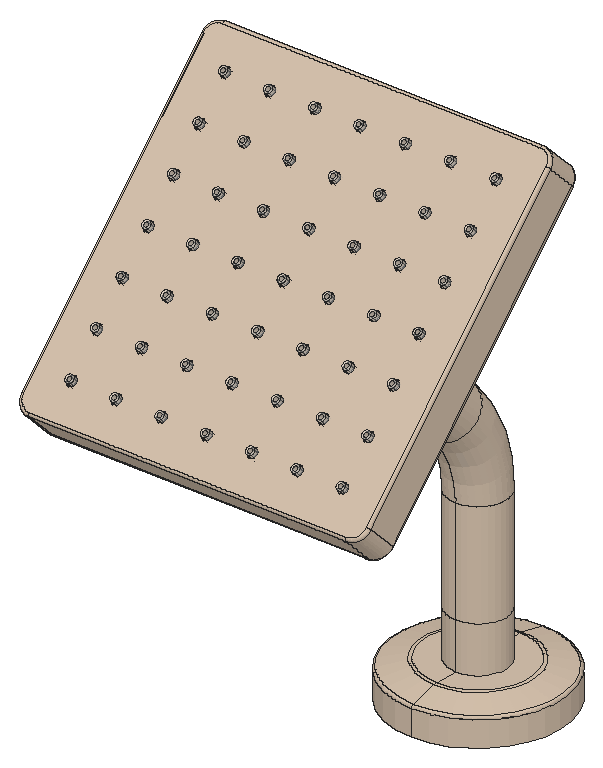
Revit family "Shower-Showerarm-KALLISTA-Guise-P34250_1", category Plumbing Fixtures, host Face, Revit 2021
Family settings
  Host = Face
  Round Connector Dimension = Use Diameter
  Part Type = Normal
  OmniClass Number = 23.31.25.00
  OmniClass Title = Toilet and Bath Specialties
  Cut with Voids When Loaded = No
  Shared = No
  Room Calculation Point = No
Parameters (values of type "BAF-Brushed French Gold")
  Width = 5.00787"  # constant formula
  WaterSense Certified = 1 = 0  # no
  Waste Water Outlet = "Waste Water Outlet"  # constant formula
  Waste Connection = 1 = 0  # no
  Vent Connection = 1 = 0  # no
  URL = "https://www.kallista.com/"
  Type = 1
  Tempered Water Inlet = "Tempered Water Inlet"  # constant formula
  Product Page URL = ""
  Product Name = "Guise"  # constant formula
  Product Documentation Link = ""
  Pressure = 45.00 psi  # constant formula
  Model = if(Type = 1, "P34250-00-BAF", if(Type = 2, "P34250-00-BN", if(Type = 3, "P34250-00-CP", if(Type = 4, "P34250-00-PGP", if(Type = 5, "P34250-00-SN", "NA")))))  # "P34250-00-BAF"
  Material = "Premium Metal Construction"  # constant formula
  Master Format 2014 Name = "Residential Showers"  # constant formula
  Master Format 2014 = "22 42 23"  # constant formula
  Manufacturer Address = "444 Highland Dr, Kohler, WI 53044"  # constant formula
  Manufacturer = "Kallista Co."  # constant formula
  Length = 8.58476"  # constant formula
  Hot Water Inlet = "Hot Water Inlet"  # constant formula
  Height = 6.36335"  # constant formula
  HW Connection = 1 = 1  # yes
  Flow Rate = 1.75 GPM  # constant formula
  Finish = Kallista-Metal-BAF-Brushed_French_Gold
  Environmental Product Declaration = ""
  Drain Included = 1 = 0  # no
  Description = "Modern Showerhead"  # constant formula
  Default Elevation = 72"
  Declare Label = ""
  Date Modified = "07/09/2024"  # constant formula
  Date Created = "07/09/2024"  # constant formula
  Copyright = "Copyright Kallista Co."  # constant formula
  Contact Us = "https://www.kallista.com/corporate/contact-us/"
  Cold Water Inlet = "Cold Water Inlet"  # constant formula
  CW Connection = 1 = 0  # no
  Assembly Code = "D2010700"
  ADA Compliant = 1 = 0  # no
Reference planes (in)
  plane 1 "Center (Front/Back)": y = 0
  plane 2: z = 0
  plane 3 "Center (Left/Right)": x = 0
  plane 4: x = 1.18504
  plane 5: x = -1.18504
  plane 6: x = -2.50394
  plane 7: x = 2.50394
  plane 8: y = 1.18504
  plane 9: y = -1.18504
  plane 10: y = -5.17831
  plane 11: y = -3.50787
  plane 12: through (0, -1.73515, 8.68611) normal (0, -0.7071, 0.7071)
  plane 13: z = 8.58476
  plane 14: through (0, -5.27883, 8.68434) normal (0, -0.7071, -0.7071)
  plane 15: z = 0.5
  plane 16: y = -0.40551
  plane 17: y = 0.40551
Dimensions and locks (in)
  plane 17 to plane 16 = 0.81102"
  plane 5 to plane 4 = 2.37008"
  "Width": plane 6 to plane 7
  plane 1 "Center (Front/Back)" to plane 11 = 3.50787"
  plane 15 to level = 1/2"
  "Height": plane 8 to plane 10
  "Length": plane 13 to level
  aligned and locked: plane 2 to host face
  aligned and locked: level to host face
  aligned and locked: plane 1 "Center (Front/Back)" to nested 1
  aligned and locked: plane 3 "Center (Left/Right)" to nested 1
Automatic sketch dimensions
  host sketch curve to host sketch curve = 96"  (x2)
Nested families (in)
  nested 1: "P34250" at (0, 0, 0), type "P34250"
Connectors (in)
  piping at (0, 0, 0), diameter 0.5, driven by "Flow Rate", driven by "Pressure", driven by "HW Connection", driven by "Tempered Water Inlet"
    settings: on nested 1, index 1, connector inside diameter 24", connector length 0", flow factor 0, pipe flow 1.75 GPM, pressure drop 45.00 psi, fitting loss kfactor 0, connector angle 0.00°, fixture units 0, engagement length 0", angle of deflection 0.00°, flow configuration 1, flow direction 1, fitting loss method 4, system type 19, joint type 0, gender type 0, connector reference index -1, connector utility 1, adjustable connector no, is connector primary yes, connector description "Tempered Water Inlet"
Definition of nested family "P34250"
  Parameters
    Material = none
    Default Elevation = 0"
  Reference planes (in)
    plane 1 "Center (Front/Back)": y = 0
    plane 2: z = 0
    plane 3 "Center (Left/Right)": x = 0
    plane 4: x = 1.18504
    plane 5: x = -1.18504
    plane 6: y = 1.18504
    plane 7: y = -1.18504
    plane 8: y = -3.50787
    plane 9: y = -5.17831
    plane 10: x = -2.50394
    plane 11: x = 2.50394
    plane 12: z = 8.58478
    plane 13: z = 6.91339
    plane 14: y = 0.40551
    plane 15: y = -0.40551
    plane 16: through (0, -3.50787, 6.91339) normal (0, 0.7071, 0.7071)
    plane 17: z = 0.5
    plane 18 "face": through (0, -3.50787, 6.91339) normal (0, 0.7071, -0.7071)
    plane 19: x = -0.40551
    plane 20: x = 0.40551
  Forms (in)
    Revolve 1, solid, material <- "Material", detail levels medium+fine
      sketch origin (0, 0, 0) x (0, 1, 0) y (0, 0, 1)
        loop
          line (0, 0) -> (1.18504, 0) -> (1.18504, 0.3683)
          arc (1.18504, 0.3683) -> (1.17657, 0.39269) -> (1.15482, 0.40659) r 0.03937
          line (1.15482, 0.40659) -> (0.78646, 0.49461)
          arc (0.78646, 0.49461) -> (0.76374, 0.49865) -> (0.74071, 0.5) r 0.19685
          line (0.74071, 0.5) -> (0.40551, 0.5) -> (0.40551, 1.16198) -> (0, 1.16198) -> (0, 0)
        axis (0, 0) -> (0, 1.16198)
      angle from 0 to 360
    Sweep 2, solid, material <- "Material", detail levels medium+fine
      path origin (0, 0, 0) x (0, 1, 0) y (0, 0, 1)
        loop
          line (0, 1.16198) -> (0, 2.67167)
          arc (0, 2.67167) -> (-0.13486, 3.34965) -> (-0.51891, 3.92442) r 1.77165
          line (-0.51891, 3.92442) -> (-0.93649, 4.342)
      profile origin (0, 0, 1.16198) x (0, -1, 0) y (1, 0, 0)
        loop
          circle (0, 0) r 0.40551
    Revolve 3, solid, material <- "Material", detail levels medium+fine
      sketch origin (0, 0, 0) x (0, 1, 0) y (0, 0, 1)
        loop
          line (-0.93649, 4.342) -> (-0.64975, 4.62874) -> (-0.99828, 4.97727) -> (-0.95002, 5.02553)
          arc (-0.95002, 5.02553) -> (-0.94425, 5.03945) -> (-0.95002, 5.05337) r 0.01969
          line (-0.95002, 5.05337) -> (-1.46655, 5.5699)
          arc (-1.46655, 5.5699) -> (-1.58432, 5.6332) -> (-1.71746, 5.62101) r 0.23205
          arc (-1.71746, 5.62101) -> (-1.78147, 5.62759) -> (-1.81214, 5.68415) r 0.0689
          arc (-1.81214, 5.68415) -> (-1.81349, 5.74373) -> (-1.81623, 5.80326) r 2.55796
          line (-1.81623, 5.80326) -> (-1.65746, 5.96203)
          arc (-1.65746, 5.96203) -> (-1.59981, 6.09986) -> (-1.65555, 6.23848) r 0.19685
          line (-1.65555, 6.23848) -> (-2.21422, 6.81279)
          arc (-2.21422, 6.81279) -> (-2.29367, 6.95273) -> (-2.29462, 7.11365) r 0.31869
          arc (-2.29462, 7.11365) -> (-2.25455, 7.20607) -> (-2.18748, 7.28123) r 0.31663
          arc (-2.18748, 7.28123) -> (-2.18044, 7.29529) -> (-2.18632, 7.30987) r 0.01911
          line (-2.18632, 7.30987) -> (-3.04534, 6.45085) -> (-0.93649, 4.342)
        axis (-0.93649, 4.342) -> (-3.04534, 6.45085)
      angle from 0 to 360
    Sweep 4, solid, material <- "Material", detail levels medium+fine
      path origin (0, -5.21063, 5.21063) x (0, -0.707107, -0.707107) y (-1, 0, 0)
        loop
          line (-4.91508, 2.27831) -> (-4.91508, -2.27833)
          arc (-4.91508, -2.27833) -> (-4.84877, -2.4384) -> (-4.6887, -2.50471) r 0.22638
          line (-4.6887, -2.50471) -> (-0.12993, -2.50471)
          arc (-0.12993, -2.50471) -> (0.03015, -2.4384) -> (0.09645, -2.27833) r 0.22638
          line (0.09645, -2.27833) -> (0.09645, 2.27831)
          arc (0.09645, 2.27831) -> (0.03015, 2.43839) -> (-0.12993, 2.50469) r 0.22638
          line (-0.12993, 2.50469) -> (-4.6887, 2.50469)
          arc (-4.6887, 2.50469) -> (-4.84877, 2.43839) -> (-4.91508, 2.27831) r 0.22638
      profile origin (0.00001, -1.73515, 8.68611) x (0, -0.707107, -0.707107) y (0, 0.707107, -0.707107)
        loop
          line (0.09086, 0.06055) -> (0.09086, 0.66122) -> (0.02122, 0.66122)
          arc (0.02122, 0.66122) -> (0.00737, 0.65544) -> (0.00171, 0.64153) r 0.01951
          line (0.00171, 0.64153) -> (0.00664, 0.09956)
          arc (0.00664, 0.09956) -> (0.01829, 0.07196) -> (0.046, 0.06055) r 0.03937
          line (0.046, 0.06055) -> (0.09086, 0.06055)
    Extrusion 5, solid, material <- "Material", detail levels medium+fine
      sketch origin (0, -5.21063, 5.21063) x (0, -0.707107, -0.707107) y (-1, 0, 0)
        loop
          line (-4.82421, 2.27831) -> (-4.82421, -2.27833)
          arc (-4.82421, -2.27833) -> (-4.78452, -2.37415) -> (-4.6887, -2.41385) r 0.13552
          line (-4.6887, -2.41385) -> (-0.12993, -2.41385)
          arc (-0.12993, -2.41385) -> (-0.0341, -2.37415) -> (0.00559, -2.27833) r 0.13552
          line (0.00559, -2.27833) -> (0.00559, 2.27831)
          arc (0.00559, 2.27831) -> (-0.0341, 2.37414) -> (-0.12993, 2.41383) r 0.13552
          line (-0.12993, 2.41383) -> (-4.6887, 2.41383)
          arc (-4.6887, 2.41383) -> (-4.78452, 2.37414) -> (-4.82421, 2.27831) r 0.13552
      from 0.06055 to 0.66122
    Extrusion 6, solid, detail levels medium+fine
      sketch origin (0, -5.21063, 5.21063) x (0, -0.707107, -0.707107) y (-1, 0, 0)
        loop
          circle (-4.36121, 1.95124) r 0.05906
        loop
          circle (-4.36121, 1.95124) r 0.0315
        loop
          circle (-4.34988, 1.30173) r 0.05906
        loop
          circle (-4.34988, 1.30173) r 0.0315
        loop
          circle (-4.34988, 0.65213) r 0.05906
        loop
          circle (-4.34988, 0.65213) r 0.0315
        loop
          circle (-4.34988, 0.00252) r 0.05906
        loop
          circle (-4.34988, 0.00252) r 0.0315
        loop
          circle (-4.34988, -0.64709) r 0.05906
        loop
          circle (-4.34988, -0.64709) r 0.0315
        loop
          circle (-4.34988, -1.29669) r 0.05906
        loop
          circle (-4.34988, -1.29669) r 0.0315
        loop
          circle (-4.34988, -1.9463) r 0.05906
        loop
          circle (-4.34988, -1.9463) r 0.0315
        loop
          circle (-3.71161, 1.95124) r 0.05906
        loop
          circle (-3.71161, 1.95124) r 0.0315
        loop
          circle (-3.70027, 1.30173) r 0.05906
        loop
          circle (-3.70027, 1.30173) r 0.0315
        loop
          circle (-3.70027, 0.65213) r 0.05906
        loop
          circle (-3.70027, 0.65213) r 0.0315
        loop
          circle (-3.70027, 0.00252) r 0.05906
        loop
          circle (-3.70027, 0.00252) r 0.0315
        loop
          circle (-3.70027, -0.64709) r 0.05906
        loop
          circle (-3.70027, -0.64709) r 0.0315
        loop
          circle (-3.70027, -1.29669) r 0.05906
        loop
          circle (-3.70027, -1.29669) r 0.0315
        loop
          circle (-3.70027, -1.9463) r 0.05906
        loop
          circle (-3.70027, -1.9463) r 0.0315
        loop
          circle (-3.062, 1.95124) r 0.05906
        loop
          circle (-3.062, 1.95124) r 0.0315
        loop
          circle (-3.05066, 1.30173) r 0.05906
        loop
          circle (-3.05066, 1.30173) r 0.0315
        loop
          circle (-3.05066, 0.65213) r 0.05906
        loop
          circle (-3.05066, 0.65213) r 0.0315
        loop
          circle (-3.05066, 0.00252) r 0.05906
        loop
          circle (-3.05066, 0.00252) r 0.0315
        loop
          circle (-3.05066, -0.64709) r 0.05906
        loop
          circle (-3.05066, -0.64709) r 0.0315
        loop
          circle (-3.05066, -1.29669) r 0.05906
        loop
          circle (-3.05066, -1.29669) r 0.0315
        loop
          circle (-3.05066, -1.9463) r 0.05906
        loop
          circle (-3.05066, -1.9463) r 0.0315
        loop
          circle (-2.41239, 1.95124) r 0.05906
        loop
          circle (-2.41239, 1.95124) r 0.0315
        loop
          circle (-2.40106, 1.30173) r 0.05906
        loop
          circle (-2.40106, 1.30173) r 0.0315
        loop
          circle (-2.40106, 0.65213) r 0.05906
        loop
          circle (-2.40106, 0.65213) r 0.0315
        loop
          circle (-2.40106, 0.00252) r 0.05906
        loop
          circle (-2.40106, 0.00252) r 0.0315
        loop
          circle (-2.40106, -0.64709) r 0.05906
        loop
          circle (-2.40106, -0.64709) r 0.0315
        loop
          circle (-2.40106, -1.29669) r 0.05906
        loop
          circle (-2.40106, -1.29669) r 0.0315
        loop
          circle (-2.40106, -1.9463) r 0.05906
        loop
          circle (-2.40106, -1.9463) r 0.0315
        loop
          circle (-1.76279, 1.95124) r 0.05906
        loop
          circle (-1.76279, 1.95124) r 0.0315
        loop
          circle (-1.75145, 1.30173) r 0.05906
        loop
          circle (-1.75145, 1.30173) r 0.0315
        loop
          circle (-1.75145, 0.65213) r 0.05906
        loop
          circle (-1.75145, 0.65213) r 0.0315
        loop
          circle (-1.75145, 0.00252) r 0.05906
        loop
          circle (-1.75145, 0.00252) r 0.0315
        loop
          circle (-1.75145, -0.64709) r 0.05906
        loop
          circle (-1.75145, -0.64709) r 0.0315
        loop
          circle (-1.75145, -1.29669) r 0.05906
        loop
          circle (-1.75145, -1.29669) r 0.0315
        loop
          circle (-1.75145, -1.9463) r 0.05906
        loop
          circle (-1.75145, -1.9463) r 0.0315
        loop
          circle (-1.11318, 1.95124) r 0.05906
        loop
          circle (-1.11318, 1.95124) r 0.0315
        loop
          circle (-1.10184, 1.30173) r 0.05906
        loop
          circle (-1.10184, 1.30173) r 0.0315
        loop
          circle (-1.10184, 0.65213) r 0.05906
        loop
          circle (-1.10184, 0.65213) r 0.0315
        loop
          circle (-1.10184, 0.00252) r 0.05906
        loop
          circle (-1.10184, 0.00252) r 0.0315
        loop
          circle (-1.10184, -0.64709) r 0.05906
        loop
          circle (-1.10184, -0.64709) r 0.0315
        loop
          circle (-1.10184, -1.29669) r 0.05906
        loop
          circle (-1.10184, -1.29669) r 0.0315
        loop
          circle (-1.10184, -1.9463) r 0.05906
        loop
          circle (-1.10184, -1.9463) r 0.0315
        loop
          circle (-0.46358, 1.95124) r 0.05906
        loop
          circle (-0.46358, 1.95124) r 0.0315
        loop
          circle (-0.45224, 1.30173) r 0.05906
        loop
          circle (-0.45224, 1.30173) r 0.0315
        loop
          circle (-0.45224, 0.65213) r 0.05906
        loop
          circle (-0.45224, 0.65213) r 0.0315
        loop
          circle (-0.45224, 0.00252) r 0.05906
        loop
          circle (-0.45224, 0.00252) r 0.0315
        loop
          circle (-0.45224, -0.64709) r 0.05906
        loop
          circle (-0.45224, -0.64709) r 0.0315
        loop
          circle (-0.45224, -1.29669) r 0.05906
        loop
          circle (-0.45224, -1.29669) r 0.0315
        loop
          circle (-0.45224, -1.9463) r 0.05906
        loop
          circle (-0.45224, -1.9463) r 0.0315
      from -0.00123 to 0.22495
    Extrusion 7, void
      sketch origin (0, -5.21933, 5.20193) x (0, -0.707107, -0.707107) y (-1, 0, 0)
        loop
          circle (-4.37198, 1.95124) r 0.0689
        loop
          circle (-4.36121, 1.30163) r 0.0689
        loop
          circle (-4.36121, 0.65203) r 0.0689
        loop
          circle (-4.36121, 0.00242) r 0.0689
        loop
          circle (-4.36121, -0.64719) r 0.0689
        loop
          circle (-4.36121, -1.29679) r 0.0689
        loop
          circle (-4.36121, -1.9464) r 0.0689
        loop
          circle (-3.72237, 1.95124) r 0.0689
        loop
          circle (-3.71161, 1.30163) r 0.0689
        loop
          circle (-3.71161, 0.65203) r 0.0689
        loop
          circle (-3.71161, 0.00242) r 0.0689
        loop
          circle (-3.71161, -0.64719) r 0.0689
        loop
          circle (-3.71161, -1.29679) r 0.0689
        loop
          circle (-3.71161, -1.9464) r 0.0689
        loop
          circle (-3.07277, 1.95124) r 0.0689
        loop
          circle (-3.062, 1.30163) r 0.0689
        loop
          circle (-3.062, 0.65203) r 0.0689
        loop
          circle (-3.062, 0.00242) r 0.0689
        loop
          circle (-3.062, -0.64719) r 0.0689
        loop
          circle (-3.062, -1.29679) r 0.0689
        loop
          circle (-3.062, -1.9464) r 0.0689
        loop
          circle (-2.42316, 1.95124) r 0.0689
        loop
          circle (-2.41239, 1.30163) r 0.0689
        loop
          circle (-2.41239, 0.65203) r 0.0689
        loop
          circle (-2.41239, 0.00242) r 0.0689
        loop
          circle (-2.41239, -0.64719) r 0.0689
        loop
          circle (-2.41239, -1.29679) r 0.0689
        loop
          circle (-2.41239, -1.9464) r 0.0689
        loop
          circle (-1.77355, 1.95124) r 0.0689
        loop
          circle (-1.76279, 1.30163) r 0.0689
        loop
          circle (-1.76279, 0.65203) r 0.0689
        loop
          circle (-1.76279, 0.00242) r 0.0689
        loop
          circle (-1.76279, -0.64719) r 0.0689
        loop
          circle (-1.76279, -1.29679) r 0.0689
        loop
          circle (-1.76279, -1.9464) r 0.0689
        loop
          circle (-1.12395, 1.95124) r 0.0689
        loop
          circle (-1.11318, 1.30163) r 0.0689
        loop
          circle (-1.11318, 0.65203) r 0.0689
        loop
          circle (-1.11318, 0.00242) r 0.0689
        loop
          circle (-1.11318, -0.64719) r 0.0689
        loop
          circle (-1.11318, -1.29679) r 0.0689
        loop
          circle (-1.11318, -1.9464) r 0.0689
        loop
          circle (-0.47434, 1.95124) r 0.0689
        loop
          circle (-0.46358, 1.30163) r 0.0689
        loop
          circle (-0.46358, 0.65203) r 0.0689
        loop
          circle (-0.46358, 0.00242) r 0.0689
        loop
          circle (-0.46358, -0.64719) r 0.0689
        loop
          circle (-0.46358, -1.29679) r 0.0689
        loop
          circle (-0.46358, -1.9464) r 0.0689
      from -0.11319 to 0.22495
    Extrusion 8, void
      sketch origin (0, -5.21063, 5.21063) x (0, -0.707107, -0.707107) y (-1, 0, 0)
        loop
          line (-2.74653, 0.45679) -> (-2.15598, 0.45679) -> (-2.15598, 0.72328) -> (-2.74653, 0.72328) -> (-2.74653, 0.45679)
        loop
          line (-2.74653, -0.45679) -> (-2.74653, -0.72328) -> (-2.15598, -0.72328) -> (-2.15598, -0.45679) -> (-2.74653, -0.45679)
      from 2.19241 to 2.97312
    Revolve 9, solid, material <- "Material", detail levels coarse
      sketch origin (0, 0, 0) x (0, 1, 0) y (0, 0, 1)
        loop
          line (0, 0) -> (1.18504, 0) -> (1.18504, 0.5) -> (0, 0.5) -> (0, 0)
        axis (0, 0) -> (0, 0.5)
      angle from 0 to 360
    Sweep 10, solid, material <- "Material", detail levels coarse
      path origin (0, 0, 0) x (0, 1, 0) y (0, 0, 1)
        loop
          line (0, 0.11261) -> (0, 2.67167)
          arc (0, 2.67167) -> (-0.13486, 3.34965) -> (-0.51891, 3.92442) r 1.77165
          line (-0.51891, 3.92442) -> (-1.28502, 4.69053)
      profile origin (0, 0, 0.11261) x (0, -1, 0) y (1, 0, 0)
        loop
          circle (0, 0) r 0.40551
    Revolve 11, solid, material <- "Material", detail levels coarse
      sketch origin (0, 0, 0) x (0, 1, 0) y (0, 0, 1)
        loop
          line (-1.28502, 4.69053) -> (-0.95002, 5.02553)
          arc (-0.95002, 5.02553) -> (-0.94425, 5.03945) -> (-0.95002, 5.05337) r 0.01969
          line (-0.95002, 5.05337) -> (-1.46655, 5.5699)
          arc (-1.46655, 5.5699) -> (-1.58432, 5.6332) -> (-1.71746, 5.62101) r 0.23205
          arc (-1.71746, 5.62101) -> (-1.78147, 5.62759) -> (-1.81214, 5.68415) r 0.0689
          arc (-1.81214, 5.68415) -> (-1.81349, 5.74373) -> (-1.81623, 5.80326) r 2.55796
          line (-1.81623, 5.80326) -> (-1.52018, 6.09931) -> (-2.45515, 7.06045) -> (-3.05504, 6.46056) -> (-1.28502, 4.69053)
        axis (-1.28502, 4.69053) -> (-3.05504, 6.46056)
      angle from 0 to 360
    Extrusion 12, solid, material <- "Material", detail levels coarse
      sketch origin (0, -5.21063, 5.21063) x (0, -0.707107, -0.707107) y (-1, 0, 0)
        loop
          line (-4.91508, 2.27831) -> (-4.91508, -2.27833)
          arc (-4.91508, -2.27833) -> (-4.84877, -2.4384) -> (-4.6887, -2.50471) r 0.22638
          line (-4.6887, -2.50471) -> (-0.12993, -2.50471)
          arc (-0.12993, -2.50471) -> (0.03015, -2.4384) -> (0.09645, -2.27833) r 0.22638
          line (0.09645, -2.27833) -> (0.09645, 2.27831)
          arc (0.09645, 2.27831) -> (0.03015, 2.43839) -> (-0.12993, 2.50469) r 0.22638
          line (-0.12993, 2.50469) -> (-4.6887, 2.50469)
          arc (-4.6887, 2.50469) -> (-4.84877, 2.43839) -> (-4.91508, 2.27831) r 0.22638
      from 0 to 0.6404
    Extrusion 13, void
      sketch origin (0, -5.21063, 5.21063) x (0, -0.707107, -0.707107) y (-1, 0, 0)
        loop
          circle (-4.67643, -2.26978) r 0.12321
        loop
          circle (-0.13973, -2.26943) r 0.1189
        loop
          circle (-4.67643, 2.26978) r 0.12321
        loop
          circle (-0.13973, 2.26943) r 0.1189
      from 0.48441 to 0.90797
    Extrusion 14, solid, detail levels medium+fine
      sketch origin (0, -5.21063, 5.21063) x (0, -0.707107, -0.707107) y (-1, 0, 0)
        loop
          circle (-4.67643, -2.26978) r 0.11024
        loop
          line (-4.75623, -2.28661) -> (-4.71684, -2.28661)
          arc (-4.71684, -2.28661) -> (-4.70292, -2.29237) -> (-4.69715, -2.30629) r 0.01969
          line (-4.69715, -2.30629) -> (-4.69715, -2.34761) -> (-4.65776, -2.34761) -> (-4.65776, -2.30636)
          arc (-4.65776, -2.30636) -> (-4.65199, -2.29244) -> (-4.63807, -2.28667) r 0.01969
          line (-4.63807, -2.28667) -> (-4.59881, -2.28667) -> (-4.59881, -2.25116) -> (-4.63822, -2.25116)
          arc (-4.63822, -2.25116) -> (-4.65213, -2.24539) -> (-4.6579, -2.23147) r 0.01969
          line (-4.6579, -2.23147) -> (-4.6579, -2.19008) -> (-4.69723, -2.19008) -> (-4.69723, -2.23163)
          arc (-4.69723, -2.23163) -> (-4.703, -2.24555) -> (-4.71692, -2.25131) r 0.01969
          line (-4.71692, -2.25131) -> (-4.75623, -2.25131) -> (-4.75623, -2.28661)
        loop
          circle (-0.13542, -2.26978) r 0.11024
        loop
          line (-0.21521, -2.28661) -> (-0.17582, -2.28661)
          arc (-0.17582, -2.28661) -> (-0.1619, -2.29237) -> (-0.15614, -2.30629) r 0.01969
          line (-0.15614, -2.30629) -> (-0.15614, -2.34761) -> (-0.11674, -2.34761) -> (-0.11674, -2.30636)
          arc (-0.11674, -2.30636) -> (-0.11097, -2.29244) -> (-0.09705, -2.28667) r 0.01969
          line (-0.09705, -2.28667) -> (-0.05779, -2.28667) -> (-0.05779, -2.25116) -> (-0.0972, -2.25116)
          arc (-0.0972, -2.25116) -> (-0.11112, -2.24539) -> (-0.11688, -2.23147) r 0.01969
          line (-0.11688, -2.23147) -> (-0.11688, -2.19008) -> (-0.15622, -2.19008) -> (-0.15622, -2.23163)
          arc (-0.15622, -2.23163) -> (-0.16198, -2.24555) -> (-0.1759, -2.25131) r 0.01969
          line (-0.1759, -2.25131) -> (-0.21521, -2.25131) -> (-0.21521, -2.28661)
        loop
          circle (-4.67643, 2.26978) r 0.11024
        loop
          line (-4.75623, 2.28661) -> (-4.75623, 2.25131) -> (-4.71692, 2.25131)
          arc (-4.71692, 2.25131) -> (-4.703, 2.24555) -> (-4.69723, 2.23163) r 0.01969
          line (-4.69723, 2.23163) -> (-4.69723, 2.19008) -> (-4.6579, 2.19008) -> (-4.6579, 2.23147)
          arc (-4.6579, 2.23147) -> (-4.65213, 2.24539) -> (-4.63822, 2.25116) r 0.01969
          line (-4.63822, 2.25116) -> (-4.59881, 2.25116) -> (-4.59881, 2.28667) -> (-4.63807, 2.28667)
          arc (-4.63807, 2.28667) -> (-4.65199, 2.29244) -> (-4.65776, 2.30636) r 0.01969
          line (-4.65776, 2.30636) -> (-4.65776, 2.34761) -> (-4.69715, 2.34761) -> (-4.69715, 2.30629)
          arc (-4.69715, 2.30629) -> (-4.70292, 2.29237) -> (-4.71684, 2.28661) r 0.01969
          line (-4.71684, 2.28661) -> (-4.75623, 2.28661)
        loop
          circle (-0.13542, 2.26978) r 0.11024
        loop
          line (-0.21521, 2.28661) -> (-0.21521, 2.25131) -> (-0.1759, 2.25131)
          arc (-0.1759, 2.25131) -> (-0.16198, 2.24555) -> (-0.15622, 2.23163) r 0.01969
          line (-0.15622, 2.23163) -> (-0.15622, 2.19008) -> (-0.11688, 2.19008) -> (-0.11688, 2.23147)
          arc (-0.11688, 2.23147) -> (-0.11112, 2.24539) -> (-0.0972, 2.25116) r 0.01969
          line (-0.0972, 2.25116) -> (-0.05779, 2.25116) -> (-0.05779, 2.28667) -> (-0.09705, 2.28667)
          arc (-0.09705, 2.28667) -> (-0.11097, 2.29244) -> (-0.11674, 2.30636) r 0.01969
          line (-0.11674, 2.30636) -> (-0.11674, 2.34761) -> (-0.15614, 2.34761) -> (-0.15614, 2.30629)
          arc (-0.15614, 2.30629) -> (-0.1619, 2.29237) -> (-0.17582, 2.28661) r 0.01969
          line (-0.17582, 2.28661) -> (-0.21521, 2.28661)
      from 0.48441 to 0.66122
    Extrusion 15, solid, material <- "Material", detail levels medium+fine
      sketch origin (0, 0, 0) x (1, 0, 0) y (0, 1, 0)
        loop
          circle (0, 0) r 0.11811
      from 0 to 0.11261
  Cuts and joins
    Extrusion 7, Extrusion 13 cuts Sweep 4
    Extrusion 7, Extrusion 13 cuts Extrusion 5
    joined: Sweep 4, Extrusion 5
    Extrusion 8 cuts Revolve 3
    joined: Revolve 1, Sweep 2, Revolve 3
  Lines and regions (in)
    Masking region 1
      outline origin (0, 0, 0) x (1, 0, 0) y (0, 1, 0)
        loop
          arc (-1.18504, 0) -> (-0.97398, -0.67452) -> (-0.41609, -1.10842) r 1.18335
          arc (-0.41609, -1.10842) -> (-0.47028, -1.18562) -> (-0.49159, -1.27751) r 0.24702
          line (-0.49159, -1.27751) -> (-2.28431, -1.27751)
          arc (-2.28431, -1.27751) -> (-2.36517, -1.28924) -> (-2.43936, -1.32347) r 0.28449
          arc (-2.43936, -1.32347) -> (-2.48579, -1.373) -> (-2.50394, -1.43843) r 0.14206
          line (-2.50394, -1.43843) -> (-2.50394, -4.76864) -> (-2.50065, -5.00863)
          arc (-2.50065, -5.00863) -> (-2.47418, -5.08789) -> (-2.41201, -5.14372) r 0.16353
          arc (-2.41201, -5.14372) -> (-2.34677, -5.16803) -> (-2.27767, -5.17655) r 0.29852
          line (-2.27767, -5.17655) -> (-1.98028, -5.17831) -> (0, -5.17831) -> (1.98028, -5.17831) -> (2.27767, -5.17655)
          arc (2.27767, -5.17655) -> (2.34677, -5.16803) -> (2.41201, -5.14372) r 0.29852
          arc (2.41201, -5.14372) -> (2.47418, -5.08789) -> (2.50065, -5.00863) r 0.16353
          line (2.50065, -5.00863) -> (2.50394, -4.76864) -> (2.50394, -1.43843)
          arc (2.50394, -1.43843) -> (2.48579, -1.373) -> (2.43936, -1.32347) r 0.14206
          arc (2.43936, -1.32347) -> (2.36517, -1.28924) -> (2.28431, -1.27751) r 0.28449
          line (2.28431, -1.27751) -> (0.49159, -1.27751)
          arc (0.49159, -1.27751) -> (0.47028, -1.18562) -> (0.41609, -1.10842) r 0.24702
          arc (0.41609, -1.10842) -> (0.97398, -0.67452) -> (1.18504, 0) r 1.18335
          arc (1.18504, 0) -> (1.05153, 0.54645) -> (0.68107, 0.96977) r 1.18504
          arc (0.68107, 0.96977) -> (0.35714, 1.12994) -> (0, 1.18504) r 1.18504
          arc (0, 1.18504) -> (-0.46482, 1.09007) -> (-0.85514, 0.82039) r 1.18504
          arc (-0.85514, 0.82039) -> (-1.09948, 0.44212) -> (-1.18504, 0) r 1.18504
    Masking region 2
      outline origin (0, 0, 0) x (0, 1, 0) y (0, 0, 1)
        loop
          line (1.18504, 0.01969) -> (1.18504, 0.37273)
          arc (1.18504, 0.37273) -> (1.17787, 0.39343) -> (1.15943, 0.40526) r 0.03346
          line (1.15943, 0.40526) -> (0.78994, 0.4945)
          arc (0.78994, 0.4945) -> (0.76699, 0.49862) -> (0.74372, 0.5) r 0.19685
          line (0.74372, 0.5) -> (0.40551, 0.5) -> (0.40551, 2.59658)
          arc (0.40551, 2.59658) -> (0.2257, 3.50056) -> (-0.28636, 4.26691) r 2.3622
          line (-0.28636, 4.26691) -> (-0.99751, 4.97806) -> (-0.95045, 5.02512)
          arc (-0.95045, 5.02512) -> (-0.94468, 5.03904) -> (-0.95045, 5.05296) r 0.01969
          line (-0.95045, 5.05296) -> (-1.4693, 5.57181)
          arc (-1.4693, 5.57181) -> (-1.58553, 5.63415) -> (-1.71685, 5.62179) r 0.22828
          arc (-1.71685, 5.62179) -> (-1.78128, 5.62837) -> (-1.81187, 5.68546) r 0.06899
          arc (-1.81187, 5.68546) -> (-1.81304, 5.7443) -> (-1.81619, 5.80306) r 1.75222
          line (-1.81619, 5.80306) -> (-1.65922, 5.96004)
          arc (-1.65922, 5.96004) -> (-1.60157, 6.09744) -> (-1.65671, 6.23587) r 0.19685
          line (-1.65671, 6.23587) -> (-2.21548, 6.81537)
          arc (-2.21548, 6.81537) -> (-2.29865, 6.98171) -> (-2.27208, 7.16578) r 0.31113
          arc (-2.27208, 7.16578) -> (-2.23762, 7.22416) -> (-2.19365, 7.27577) r 0.39329
          arc (-2.19365, 7.27577) -> (-2.1846, 7.28926) -> (-2.18154, 7.30521) r 0.04068
          line (-2.18154, 7.30521) -> (-1.60151, 7.88482) -> (-1.28256, 8.20377)
          arc (-1.28256, 8.20377) -> (-1.27679, 8.21779) -> (-1.28271, 8.23175) r 0.01969
          line (-1.28271, 8.23175) -> (-1.6284, 8.57019)
          arc (-1.6284, 8.57019) -> (-1.64424, 8.58074) -> (-1.66285, 8.58478) r 0.05118
          arc (-1.66285, 8.58478) -> (-1.68184, 8.57268) -> (-1.69946, 8.55864) r 0.21306
          line (-1.69946, 8.55864) -> (-1.81688, 8.45443) -> (-2.02028, 8.27392) -> (-2.05626, 8.30412)
          arc (-2.05626, 8.30412) -> (-2.10067, 8.2711) -> (-2.14179, 8.23407) r 0.59055
          line (-2.14179, 8.23407) -> (-2.11452, 8.18685)
          arc (-2.11452, 8.18685) -> (-2.30538, 8.00905) -> (-2.49518, 7.83014) r 44.41438
          line (-2.49518, 7.83014) -> (-2.53276, 7.86167) -> (-2.616, 7.78931) -> (-2.58712, 7.74309)
          arc (-2.58712, 7.74309) -> (-2.77643, 7.56267) -> (-2.96462, 7.38109) r 42.71454
          line (-2.96462, 7.38109) -> (-3.00637, 7.41489) -> (-3.0848, 7.33646) -> (-3.05533, 7.29277)
          arc (-3.05533, 7.29277) -> (-3.24294, 7.10893) -> (-3.42928, 6.92383) r 38.65453
          line (-3.42928, 6.92383) -> (-3.46875, 6.95251) -> (-3.50787, 6.91339) -> (-3.54699, 6.87427) -> (-3.51832, 6.83479)
          arc (-3.51832, 6.83479) -> (-3.70342, 6.64845) -> (-3.88725, 6.46085) r 38.65453
          line (-3.88725, 6.46085) -> (-3.93094, 6.49032) -> (-4.00938, 6.41188) -> (-3.97558, 6.37013)
          arc (-3.97558, 6.37013) -> (-4.15715, 6.18194) -> (-4.33758, 5.99263) r 42.71454
          line (-4.33758, 5.99263) -> (-4.38379, 6.02151) -> (-4.45616, 5.93827) -> (-4.42463, 5.9007)
          arc (-4.42463, 5.9007) -> (-4.60354, 5.71089) -> (-4.78134, 5.52003) r 44.41438
          line (-4.78134, 5.52003) -> (-4.82856, 5.5473)
          arc (-4.82856, 5.5473) -> (-4.86559, 5.50618) -> (-4.8986, 5.46177) r 0.59055
          line (-4.8986, 5.46177) -> (-4.86795, 5.42524) -> (-5.03161, 5.24082) -> (-5.15217, 5.10497)
          arc (-5.15217, 5.10497) -> (-5.16625, 5.0873) -> (-5.17838, 5.06825) r 0.21306
          arc (-5.17838, 5.06825) -> (-5.17432, 5.0497) -> (-5.16379, 5.03391) r 0.05118
          line (-5.16379, 5.03391) -> (-4.8258, 4.68867)
          arc (-4.8258, 4.68867) -> (-4.81183, 4.68275) -> (-4.79781, 4.68852) r 0.01969
          line (-4.79781, 4.68852) -> (-4.47931, 5.00702) -> (-3.8997, 5.58705)
          arc (-3.8997, 5.58705) -> (-3.88374, 5.59011) -> (-3.87026, 5.59916) r 0.04068
          arc (-3.87026, 5.59916) -> (-3.81865, 5.64314) -> (-3.76026, 5.6776) r 0.39329
          arc (-3.76026, 5.6776) -> (-3.57619, 5.70417) -> (-3.40985, 5.62099) r 0.31113
          line (-3.40985, 5.62099) -> (-2.83036, 5.06222)
          arc (-2.83036, 5.06222) -> (-2.69193, 5.00708) -> (-2.55452, 5.06473) r 0.19685
          line (-2.55452, 5.06473) -> (-2.39755, 5.2217)
          arc (-2.39755, 5.2217) -> (-2.33878, 5.21855) -> (-2.27995, 5.21738) r 1.75222
          arc (-2.27995, 5.21738) -> (-2.22286, 5.1868) -> (-2.21628, 5.12236) r 0.06899
          arc (-2.21628, 5.12236) -> (-2.22864, 4.99104) -> (-2.1663, 4.87481) r 0.22828
          line (-2.1663, 4.87481) -> (-1.64745, 4.35596)
          arc (-1.64745, 4.35596) -> (-1.63353, 4.35019) -> (-1.61961, 4.35596) r 0.01969
          line (-1.61961, 4.35596) -> (-1.57255, 4.40302) -> (-0.84446, 3.67494)
          arc (-0.84446, 3.67494) -> (-0.51959, 3.18873) -> (-0.40551, 2.61521) r 1.49868
          line (-0.40551, 2.61521) -> (-0.40551, 0.5) -> (-0.74372, 0.5)
          arc (-0.74372, 0.5) -> (-0.76699, 0.49862) -> (-0.78994, 0.4945) r 0.19685
          line (-0.78994, 0.4945) -> (-1.15943, 0.40526)
          arc (-1.15943, 0.40526) -> (-1.17787, 0.39343) -> (-1.18504, 0.37273) r 0.03346
          line (-1.18504, 0.37273) -> (-1.18504, 0.01969)
          arc (-1.18504, 0.01969) -> (-1.17927, 0.00577) -> (-1.16535, 0) r 0.01969
          line (-1.16535, 0) -> (1.16535, 0)
          arc (1.16535, 0) -> (1.17927, 0.00577) -> (1.18504, 0.01969) r 0.01969
    Masking region 3
      outline origin (0, 0, 0) x (1, 0, 0) y (0, 0, 1)
        loop
          line (0, 8.58478) -> (-2.06672, 8.58478) -> (-2.27995, 8.58282)
          arc (-2.27995, 8.58282) -> (-2.36727, 8.56803) -> (-2.44562, 8.52676) r 0.28046
          arc (-2.44562, 8.52676) -> (-2.48663, 8.47719) -> (-2.50056, 8.41437) r 0.13737
          arc (-2.50056, 8.41437) -> (-2.50309, 8.32161) -> (-2.50394, 8.22882) r 5.10282
          line (-2.50394, 8.22882) -> (-2.50394, 4.83758)
          arc (-2.50394, 4.83758) -> (-2.49136, 4.7914) -> (-2.46418, 4.752) r 0.14218
          arc (-2.46418, 4.752) -> (-2.41728, 4.71589) -> (-2.36215, 4.69431) r 0.20991
          arc (-2.36215, 4.69431) -> (-2.31324, 4.68572) -> (-2.26367, 4.68285) r 0.42887
          line (-2.26367, 4.68285) -> (-0.49201, 4.68285)
          arc (-0.49201, 4.68285) -> (-0.46553, 4.58434) -> (-0.40551, 4.50187) r 0.27996
          line (-0.40551, 4.50187) -> (-0.40551, 0.5) -> (-0.74338, 0.5)
          arc (-0.74338, 0.5) -> (-0.76275, 0.49885) -> (-0.78184, 0.49543) r 0.16409
          line (-0.78184, 0.49543) -> (-1.16243, 0.40367)
          arc (-1.16243, 0.40367) -> (-1.17871, 0.39323) -> (-1.18504, 0.37496) r 0.02953
          line (-1.18504, 0.37496) -> (-1.18504, 0.01969)
          arc (-1.18504, 0.01969) -> (-1.17927, 0.00577) -> (-1.16535, 0) r 0.01969
          line (-1.16535, 0) -> (0, 0) -> (1.16535, 0)
          arc (1.16535, 0) -> (1.17927, 0.00577) -> (1.18504, 0.01969) r 0.01969
          line (1.18504, 0.01969) -> (1.18504, 0.37496)
          arc (1.18504, 0.37496) -> (1.17871, 0.39323) -> (1.16243, 0.40367) r 0.02953
          line (1.16243, 0.40367) -> (0.78184, 0.49543)
          arc (0.78184, 0.49543) -> (0.76275, 0.49885) -> (0.74338, 0.5) r 0.16409
          line (0.74338, 0.5) -> (0.40551, 0.5) -> (0.40551, 4.50187)
          arc (0.40551, 4.50187) -> (0.46553, 4.58434) -> (0.49201, 4.68285) r 0.27996
          line (0.49201, 4.68285) -> (2.26367, 4.68285)
          arc (2.26367, 4.68285) -> (2.31324, 4.68572) -> (2.36215, 4.69431) r 0.42887
          arc (2.36215, 4.69431) -> (2.41728, 4.71589) -> (2.46418, 4.752) r 0.20991
          arc (2.46418, 4.752) -> (2.49136, 4.7914) -> (2.50394, 4.83758) r 0.14218
          line (2.50394, 4.83758) -> (2.50394, 8.22882)
          arc (2.50394, 8.22882) -> (2.50309, 8.32161) -> (2.50056, 8.41437) r 5.10282
          arc (2.50056, 8.41437) -> (2.48663, 8.47719) -> (2.44562, 8.52676) r 0.13737
          arc (2.44562, 8.52676) -> (2.36727, 8.56803) -> (2.27995, 8.58282) r 0.28046
          line (2.27995, 8.58282) -> (2.06672, 8.58478) -> (0, 8.58478)
    symbolic lines, detail levels medium+fine
      curve 1: arc (-0.41609, -1.10842, 0) -> (0, -0.94063, 0) -> (0.41609, -1.10842, 0) r 0.59979
      curve 2: spline (-2.05553, -2.07531, 0) -> (-2.05205, -2.05726, 0) -> (-2.04184, -2.04044, 0) -> (-2.0256, -2.02599, 0) -> (-2.00444, -2.01491, 0) -> (-1.9798, -2.00794, 0) -> (-1.95335, -2.00556, 0) -> (-1.9269, -2.00794, 0) -> (-1.90226, -2.01491, 0) -> (-1.8811, -2.02599, 0) -> (-1.86486, -2.04044, 0) -> (-1.85465, -2.05726, 0) -> (-1.85117, -2.07531, 0) -> (-1.85465, -2.09336, 0) -> (-1.86486, -2.11018, 0) -> (-1.8811, -2.12463, 0) -> (-1.90226, -2.13571, 0) -> (-1.9269, -2.14268, 0) -> (-1.95335, -2.14505, 0) -> (-1.9798, -2.14268, 0) -> (-2.00444, -2.13571, 0) -> (-2.0256, -2.12463, 0) -> (-2.04184, -2.11018, 0) -> (-2.05205, -2.09336, 0) -> (-2.05553, -2.07531, 0)
      curve 3: spline (-2.00039, -2.07369, 0) -> (-1.99878, -2.08082, 0) -> (-1.99409, -2.08747, 0) -> (-1.98661, -2.09318, 0) -> (-1.97687, -2.09757, 0) -> (-1.96552, -2.10032, 0) -> (-1.95335, -2.10126, 0) -> (-1.94118, -2.10032, 0) -> (-1.92983, -2.09757, 0) -> (-1.92009, -2.09318, 0) -> (-1.91261, -2.08747, 0) -> (-1.90792, -2.08082, 0) -> (-1.90631, -2.07369, 0) -> (-1.90792, -2.06655, 0) -> (-1.91261, -2.0599, 0) -> (-1.92009, -2.05419, 0) -> (-1.92983, -2.04981, 0) -> (-1.94118, -2.04705, 0) -> (-1.95335, -2.04611, 0) -> (-1.96552, -2.04705, 0) -> (-1.97687, -2.04981, 0) -> (-1.98661, -2.05419, 0) -> (-1.99409, -2.0599, 0) -> (-1.99878, -2.06655, 0) -> (-2.00039, -2.07369, 0)
      curve 4: spline (-2.05553, -2.564, 0) -> (-2.05205, -2.54595, 0) -> (-2.04184, -2.52913, 0) -> (-2.0256, -2.51468, 0) -> (-2.00444, -2.5036, 0) -> (-1.9798, -2.49663, 0) -> (-1.95335, -2.49425, 0) -> (-1.9269, -2.49663, 0) -> (-1.90226, -2.5036, 0) -> (-1.8811, -2.51468, 0) -> (-1.86486, -2.52913, 0) -> (-1.85465, -2.54595, 0) -> (-1.85117, -2.564, 0) -> (-1.85465, -2.58205, 0) -> (-1.86486, -2.59887, 0) -> (-1.8811, -2.61332, 0) -> (-1.90226, -2.6244, 0) -> (-1.9269, -2.63137, 0) -> (-1.95335, -2.63374, 0) -> (-1.9798, -2.63137, 0) -> (-2.00444, -2.6244, 0) -> (-2.0256, -2.61332, 0) -> (-2.04184, -2.59887, 0) -> (-2.05205, -2.58205, 0) -> (-2.05553, -2.564, 0)
      curve 5: spline (-2.00039, -2.56238, 0) -> (-1.99878, -2.56951, 0) -> (-1.99409, -2.57616, 0) -> (-1.98661, -2.58187, 0) -> (-1.97687, -2.58626, 0) -> (-1.96552, -2.58901, 0) -> (-1.95335, -2.58995, 0) -> (-1.94118, -2.58901, 0) -> (-1.92983, -2.58626, 0) -> (-1.92009, -2.58187, 0) -> (-1.91261, -2.57616, 0) -> (-1.90792, -2.56951, 0) -> (-1.90631, -2.56238, 0) -> (-1.90792, -2.55524, 0) -> (-1.91261, -2.54859, 0) -> (-1.92009, -2.54288, 0) -> (-1.92983, -2.5385, 0) -> (-1.94118, -2.53574, 0) -> (-1.95335, -2.5348, 0) -> (-1.96552, -2.53574, 0) -> (-1.97687, -2.5385, 0) -> (-1.98661, -2.54288, 0) -> (-1.99409, -2.54859, 0) -> (-1.99878, -2.55524, 0) -> (-2.00039, -2.56238, 0)
      curve 6: spline (-2.05553, -3.00639, 0) -> (-2.05205, -2.98834, 0) -> (-2.04184, -2.97152, 0) -> (-2.0256, -2.95707, 0) -> (-2.00444, -2.94599, 0) -> (-1.9798, -2.93902, 0) -> (-1.95335, -2.93665, 0) -> (-1.9269, -2.93902, 0) -> (-1.90226, -2.94599, 0) -> (-1.8811, -2.95707, 0) -> (-1.86486, -2.97152, 0) -> (-1.85465, -2.98834, 0) -> (-1.85117, -3.00639, 0) -> (-1.85465, -3.02444, 0) -> (-1.86486, -3.04126, 0) -> (-1.8811, -3.05571, 0) -> (-1.90226, -3.06679, 0) -> (-1.9269, -3.07376, 0) -> (-1.95335, -3.07614, 0) -> (-1.9798, -3.07376, 0) -> (-2.00444, -3.06679, 0) -> (-2.0256, -3.05571, 0) -> (-2.04184, -3.04126, 0) -> (-2.05205, -3.02444, 0) -> (-2.05553, -3.00639, 0)
      curve 7: spline (-2.00039, -3.00477, 0) -> (-1.99878, -3.01191, 0) -> (-1.99409, -3.01856, 0) -> (-1.98661, -3.02427, 0) -> (-1.97687, -3.02865, 0) -> (-1.96552, -3.0314, 0) -> (-1.95335, -3.03234, 0) -> (-1.94118, -3.0314, 0) -> (-1.92983, -3.02865, 0) -> (-1.92009, -3.02427, 0) -> (-1.91261, -3.01856, 0) -> (-1.90792, -3.01191, 0) -> (-1.90631, -3.00477, 0) -> (-1.90792, -2.99763, 0) -> (-1.91261, -2.99098, 0) -> (-1.92009, -2.98527, 0) -> (-1.92983, -2.98089, 0) -> (-1.94118, -2.97814, 0) -> (-1.95335, -2.9772, 0) -> (-1.96552, -2.97814, 0) -> (-1.97687, -2.98089, 0) -> (-1.98661, -2.98527, 0) -> (-1.99409, -2.99098, 0) -> (-1.99878, -2.99763, 0) -> (-2.00039, -3.00477, 0)
      curve 8: spline (-2.05553, -3.4671, 0) -> (-2.05205, -3.44905, 0) -> (-2.04184, -3.43223, 0) -> (-2.0256, -3.41779, 0) -> (-2.00444, -3.4067, 0) -> (-1.9798, -3.39973, 0) -> (-1.95335, -3.39736, 0) -> (-1.9269, -3.39973, 0) -> (-1.90226, -3.4067, 0) -> (-1.8811, -3.41779, 0) -> (-1.86486, -3.43223, 0) -> (-1.85465, -3.44905, 0) -> (-1.85117, -3.4671, 0) -> (-1.85465, -3.48515, 0) -> (-1.86486, -3.50197, 0) -> (-1.8811, -3.51642, 0) -> (-1.90226, -3.5275, 0) -> (-1.9269, -3.53447, 0) -> (-1.95335, -3.53685, 0) -> (-1.9798, -3.53447, 0) -> (-2.00444, -3.5275, 0) -> (-2.0256, -3.51642, 0) -> (-2.04184, -3.50197, 0) -> (-2.05205, -3.48515, 0) -> (-2.05553, -3.4671, 0)
      curve 9: spline (-2.00039, -3.46548, 0) -> (-1.99878, -3.47262, 0) -> (-1.99409, -3.47927, 0) -> (-1.98661, -3.48498, 0) -> (-1.97687, -3.48936, 0) -> (-1.96552, -3.49211, 0) -> (-1.95335, -3.49305, 0) -> (-1.94118, -3.49211, 0) -> (-1.92983, -3.48936, 0) -> (-1.92009, -3.48498, 0) -> (-1.91261, -3.47927, 0) -> (-1.90792, -3.47262, 0) -> (-1.90631, -3.46548, 0) -> (-1.90792, -3.45834, 0) -> (-1.91261, -3.45169, 0) -> (-1.92009, -3.44598, 0) -> (-1.92983, -3.4416, 0) -> (-1.94118, -3.43885, 0) -> (-1.95335, -3.43791, 0) -> (-1.96552, -3.43885, 0) -> (-1.97687, -3.4416, 0) -> (-1.98661, -3.44598, 0) -> (-1.99409, -3.45169, 0) -> (-1.99878, -3.45834, 0) -> (-2.00039, -3.46548, 0)
      curve 10: spline (-2.05553, -3.91645, 0) -> (-2.05205, -3.8984, 0) -> (-2.04184, -3.88158, 0) -> (-2.0256, -3.86714, 0) -> (-2.00444, -3.85605, 0) -> (-1.9798, -3.84908, 0) -> (-1.95335, -3.84671, 0) -> (-1.9269, -3.84908, 0) -> (-1.90226, -3.85605, 0) -> (-1.8811, -3.86714, 0) -> (-1.86486, -3.88158, 0) -> (-1.85465, -3.8984, 0) -> (-1.85117, -3.91645, 0) -> (-1.85465, -3.9345, 0) -> (-1.86486, -3.95132, 0) -> (-1.8811, -3.96577, 0) -> (-1.90226, -3.97685, 0) -> (-1.9269, -3.98382, 0) -> (-1.95335, -3.9862, 0) -> (-1.9798, -3.98382, 0) -> (-2.00444, -3.97685, 0) -> (-2.0256, -3.96577, 0) -> (-2.04184, -3.95132, 0) -> (-2.05205, -3.9345, 0) -> (-2.05553, -3.91645, 0)
      curve 11: spline (-2.00039, -3.91483, 0) -> (-1.99878, -3.92197, 0) -> (-1.99409, -3.92862, 0) -> (-1.98661, -3.93433, 0) -> (-1.97687, -3.93871, 0) -> (-1.96552, -3.94146, 0) -> (-1.95335, -3.9424, 0) -> (-1.94118, -3.94146, 0) -> (-1.92983, -3.93871, 0) -> (-1.92009, -3.93433, 0) -> (-1.91261, -3.92862, 0) -> (-1.90792, -3.92197, 0) -> (-1.90631, -3.91483, 0) -> (-1.90792, -3.90769, 0) -> (-1.91261, -3.90104, 0) -> (-1.92009, -3.89533, 0) -> (-1.92983, -3.89095, 0) -> (-1.94118, -3.8882, 0) -> (-1.95335, -3.88726, 0) -> (-1.96552, -3.8882, 0) -> (-1.97687, -3.89095, 0) -> (-1.98661, -3.89533, 0) -> (-1.99409, -3.90104, 0) -> (-1.99878, -3.90769, 0) -> (-2.00039, -3.91483, 0)
      curve 12: spline (-2.05553, -4.3937, 0) -> (-2.05205, -4.37565, 0) -> (-2.04184, -4.35882, 0) -> (-2.0256, -4.34438, 0) -> (-2.00444, -4.3333, 0) -> (-1.9798, -4.32633, 0) -> (-1.95335, -4.32395, 0) -> (-1.9269, -4.32633, 0) -> (-1.90226, -4.3333, 0) -> (-1.8811, -4.34438, 0) -> (-1.86486, -4.35882, 0) -> (-1.85465, -4.37565, 0) -> (-1.85117, -4.3937, 0) -> (-1.85465, -4.41175, 0) -> (-1.86486, -4.42857, 0) -> (-1.8811, -4.44301, 0) -> (-1.90226, -4.4541, 0) -> (-1.9269, -4.46106, 0) -> (-1.95335, -4.46344, 0) -> (-1.9798, -4.46106, 0) -> (-2.00444, -4.4541, 0) -> (-2.0256, -4.44301, 0) -> (-2.04184, -4.42857, 0) -> (-2.05205, -4.41175, 0) -> (-2.05553, -4.3937, 0)
      curve 13: spline (-2.00039, -4.39207, 0) -> (-1.99878, -4.39921, 0) -> (-1.99409, -4.40586, 0) -> (-1.98661, -4.41157, 0) -> (-1.97687, -4.41595, 0) -> (-1.96552, -4.41871, 0) -> (-1.95335, -4.41965, 0) -> (-1.94118, -4.41871, 0) -> (-1.92983, -4.41595, 0) -> (-1.92009, -4.41157, 0) -> (-1.91261, -4.40586, 0) -> (-1.90792, -4.39921, 0) -> (-1.90631, -4.39207, 0) -> (-1.90792, -4.38494, 0) -> (-1.91261, -4.37829, 0) -> (-1.92009, -4.37258, 0) -> (-1.92983, -4.3682, 0) -> (-1.94118, -4.36544, 0) -> (-1.95335, -4.3645, 0) -> (-1.96552, -4.36544, 0) -> (-1.97687, -4.3682, 0) -> (-1.98661, -4.37258, 0) -> (-1.99409, -4.37829, 0) -> (-1.99878, -4.38494, 0) -> (-2.00039, -4.39207, 0)
      curve 14: spline (-2.05553, -4.81753, 0) -> (-2.05205, -4.79948, 0) -> (-2.04184, -4.78266, 0) -> (-2.0256, -4.76822, 0) -> (-2.00444, -4.75713, 0) -> (-1.9798, -4.75016, 0) -> (-1.95335, -4.74779, 0) -> (-1.9269, -4.75016, 0) -> (-1.90226, -4.75713, 0) -> (-1.8811, -4.76822, 0) -> (-1.86486, -4.78266, 0) -> (-1.85465, -4.79948, 0) -> (-1.85117, -4.81753, 0) -> (-1.85465, -4.83558, 0) -> (-1.86486, -4.8524, 0) -> (-1.8811, -4.86685, 0) -> (-1.90226, -4.87793, 0) -> (-1.9269, -4.8849, 0) -> (-1.95335, -4.88728, 0) -> (-1.9798, -4.8849, 0) -> (-2.00444, -4.87793, 0) -> (-2.0256, -4.86685, 0) -> (-2.04184, -4.8524, 0) -> (-2.05205, -4.83558, 0) -> (-2.05553, -4.81753, 0)
      curve 15: spline (-2.00039, -4.81591, 0) -> (-1.99878, -4.82305, 0) -> (-1.99409, -4.8297, 0) -> (-1.98661, -4.83541, 0) -> (-1.97687, -4.83979, 0) -> (-1.96552, -4.84254, 0) -> (-1.95335, -4.84348, 0) -> (-1.94118, -4.84254, 0) -> (-1.92983, -4.83979, 0) -> (-1.92009, -4.83541, 0) -> (-1.91261, -4.8297, 0) -> (-1.90792, -4.82305, 0) -> (-1.90631, -4.81591, 0) -> (-1.90792, -4.80877, 0) -> (-1.91261, -4.80212, 0) -> (-1.92009, -4.79641, 0) -> (-1.92983, -4.79203, 0) -> (-1.94118, -4.78928, 0) -> (-1.95335, -4.78834, 0) -> (-1.96552, -4.78928, 0) -> (-1.97687, -4.79203, 0) -> (-1.98661, -4.79641, 0) -> (-1.99409, -4.80212, 0) -> (-1.99878, -4.80877, 0) -> (-2.00039, -4.81591, 0)
      curve 16: spline (-1.40593, -2.07531, 0) -> (-1.40245, -2.05726, 0) -> (-1.39224, -2.04044, 0) -> (-1.376, -2.02599, 0) -> (-1.35484, -2.01491, 0) -> (-1.33019, -2.00794, 0) -> (-1.30374, -2.00556, 0) -> (-1.2773, -2.00794, 0) -> (-1.25265, -2.01491, 0) -> (-1.23149, -2.02599, 0) -> (-1.21525, -2.04044, 0) -> (-1.20504, -2.05726, 0) -> (-1.20156, -2.07531, 0) -> (-1.20504, -2.09336, 0) -> (-1.21525, -2.11018, 0) -> (-1.23149, -2.12463, 0) -> (-1.25265, -2.13571, 0) -> (-1.2773, -2.14268, 0) -> (-1.30374, -2.14505, 0) -> (-1.33019, -2.14268, 0) -> (-1.35484, -2.13571, 0) -> (-1.376, -2.12463, 0) -> (-1.39224, -2.11018, 0) -> (-1.40245, -2.09336, 0) -> (-1.40593, -2.07531, 0)
      curve 17: spline (-1.35078, -2.07369, 0) -> (-1.34918, -2.08082, 0) -> (-1.34448, -2.08747, 0) -> (-1.337, -2.09318, 0) -> (-1.32726, -2.09757, 0) -> (-1.31592, -2.10032, 0) -> (-1.30374, -2.10126, 0) -> (-1.29157, -2.10032, 0) -> (-1.28023, -2.09757, 0) -> (-1.27048, -2.09318, 0) -> (-1.26301, -2.08747, 0) -> (-1.25831, -2.08082, 0) -> (-1.25671, -2.07369, 0) -> (-1.25831, -2.06655, 0) -> (-1.26301, -2.0599, 0) -> (-1.27048, -2.05419, 0) -> (-1.28023, -2.04981, 0) -> (-1.29157, -2.04705, 0) -> (-1.30374, -2.04611, 0) -> (-1.31592, -2.04705, 0) -> (-1.32726, -2.04981, 0) -> (-1.337, -2.05419, 0) -> (-1.34448, -2.0599, 0) -> (-1.34918, -2.06655, 0) -> (-1.35078, -2.07369, 0)
      curve 18: spline (-1.40593, -2.564, 0) -> (-1.40245, -2.54595, 0) -> (-1.39224, -2.52913, 0) -> (-1.376, -2.51468, 0) -> (-1.35484, -2.5036, 0) -> (-1.33019, -2.49663, 0) -> (-1.30374, -2.49425, 0) -> (-1.2773, -2.49663, 0) -> (-1.25265, -2.5036, 0) -> (-1.23149, -2.51468, 0) -> (-1.21525, -2.52913, 0) -> (-1.20504, -2.54595, 0) -> (-1.20156, -2.564, 0) -> (-1.20504, -2.58205, 0) -> (-1.21525, -2.59887, 0) -> (-1.23149, -2.61332, 0) -> (-1.25265, -2.6244, 0) -> (-1.2773, -2.63137, 0) -> (-1.30374, -2.63374, 0) -> (-1.33019, -2.63137, 0) -> (-1.35484, -2.6244, 0) -> (-1.376, -2.61332, 0) -> (-1.39224, -2.59887, 0) -> (-1.40245, -2.58205, 0) -> (-1.40593, -2.564, 0)
      curve 19: spline (-1.35078, -2.56238, 0) -> (-1.34918, -2.56951, 0) -> (-1.34448, -2.57616, 0) -> (-1.337, -2.58187, 0) -> (-1.32726, -2.58626, 0) -> (-1.31592, -2.58901, 0) -> (-1.30374, -2.58995, 0) -> (-1.29157, -2.58901, 0) -> (-1.28023, -2.58626, 0) -> (-1.27048, -2.58187, 0) -> (-1.26301, -2.57616, 0) -> (-1.25831, -2.56951, 0) -> (-1.25671, -2.56238, 0) -> (-1.25831, -2.55524, 0) -> (-1.26301, -2.54859, 0) -> (-1.27048, -2.54288, 0) -> (-1.28023, -2.5385, 0) -> (-1.29157, -2.53574, 0) -> (-1.30374, -2.5348, 0) -> (-1.31592, -2.53574, 0) -> (-1.32726, -2.5385, 0) -> (-1.337, -2.54288, 0) -> (-1.34448, -2.54859, 0) -> (-1.34918, -2.55524, 0) -> (-1.35078, -2.56238, 0)
      curve 20: spline (-1.40593, -3.00639, 0) -> (-1.40245, -2.98834, 0) -> (-1.39224, -2.97152, 0) -> (-1.376, -2.95707, 0) -> (-1.35484, -2.94599, 0) -> (-1.33019, -2.93902, 0) -> (-1.30374, -2.93665, 0) -> (-1.2773, -2.93902, 0) -> (-1.25265, -2.94599, 0) -> (-1.23149, -2.95707, 0) -> (-1.21525, -2.97152, 0) -> (-1.20504, -2.98834, 0) -> (-1.20156, -3.00639, 0) -> (-1.20504, -3.02444, 0) -> (-1.21525, -3.04126, 0) -> (-1.23149, -3.05571, 0) -> (-1.25265, -3.06679, 0) -> (-1.2773, -3.07376, 0) -> (-1.30374, -3.07614, 0) -> (-1.33019, -3.07376, 0) -> (-1.35484, -3.06679, 0) -> (-1.376, -3.05571, 0) -> (-1.39224, -3.04126, 0) -> (-1.40245, -3.02444, 0) -> (-1.40593, -3.00639, 0)
      curve 21: spline (-1.35078, -3.00477, 0) -> (-1.34918, -3.01191, 0) -> (-1.34448, -3.01856, 0) -> (-1.337, -3.02427, 0) -> (-1.32726, -3.02865, 0) -> (-1.31592, -3.0314, 0) -> (-1.30374, -3.03234, 0) -> (-1.29157, -3.0314, 0) -> (-1.28023, -3.02865, 0) -> (-1.27048, -3.02427, 0) -> (-1.26301, -3.01856, 0) -> (-1.25831, -3.01191, 0) -> (-1.25671, -3.00477, 0) -> (-1.25831, -2.99763, 0) -> (-1.26301, -2.99098, 0) -> (-1.27048, -2.98527, 0) -> (-1.28023, -2.98089, 0) -> (-1.29157, -2.97814, 0) -> (-1.30374, -2.9772, 0) -> (-1.31592, -2.97814, 0) -> (-1.32726, -2.98089, 0) -> (-1.337, -2.98527, 0) -> (-1.34448, -2.99098, 0) -> (-1.34918, -2.99763, 0) -> (-1.35078, -3.00477, 0)
      curve 22: spline (-1.40593, -3.4671, 0) -> (-1.40245, -3.44905, 0) -> (-1.39224, -3.43223, 0) -> (-1.376, -3.41779, 0) -> (-1.35484, -3.4067, 0) -> (-1.33019, -3.39973, 0) -> (-1.30374, -3.39736, 0) -> (-1.2773, -3.39973, 0) -> (-1.25265, -3.4067, 0) -> (-1.23149, -3.41779, 0) -> (-1.21525, -3.43223, 0) -> (-1.20504, -3.44905, 0) -> (-1.20156, -3.4671, 0) -> (-1.20504, -3.48515, 0) -> (-1.21525, -3.50197, 0) -> (-1.23149, -3.51642, 0) -> (-1.25265, -3.5275, 0) -> (-1.2773, -3.53447, 0) -> (-1.30374, -3.53685, 0) -> (-1.33019, -3.53447, 0) -> (-1.35484, -3.5275, 0) -> (-1.376, -3.51642, 0) -> (-1.39224, -3.50197, 0) -> (-1.40245, -3.48515, 0) -> (-1.40593, -3.4671, 0)
      curve 23: spline (-1.35078, -3.46548, 0) -> (-1.34918, -3.47262, 0) -> (-1.34448, -3.47927, 0) -> (-1.337, -3.48498, 0) -> (-1.32726, -3.48936, 0) -> (-1.31592, -3.49211, 0) -> (-1.30374, -3.49305, 0) -> (-1.29157, -3.49211, 0) -> (-1.28023, -3.48936, 0) -> (-1.27048, -3.48498, 0) -> (-1.26301, -3.47927, 0) -> (-1.25831, -3.47262, 0) -> (-1.25671, -3.46548, 0) -> (-1.25831, -3.45834, 0) -> (-1.26301, -3.45169, 0) -> (-1.27048, -3.44598, 0) -> (-1.28023, -3.4416, 0) -> (-1.29157, -3.43885, 0) -> (-1.30374, -3.43791, 0) -> (-1.31592, -3.43885, 0) -> (-1.32726, -3.4416, 0) -> (-1.337, -3.44598, 0) -> (-1.34448, -3.45169, 0) -> (-1.34918, -3.45834, 0) -> (-1.35078, -3.46548, 0)
      curve 24: spline (-1.40593, -3.91645, 0) -> (-1.40245, -3.8984, 0) -> (-1.39224, -3.88158, 0) -> (-1.376, -3.86714, 0) -> (-1.35484, -3.85605, 0) -> (-1.33019, -3.84908, 0) -> (-1.30374, -3.84671, 0) -> (-1.2773, -3.84908, 0) -> (-1.25265, -3.85605, 0) -> (-1.23149, -3.86714, 0) -> (-1.21525, -3.88158, 0) -> (-1.20504, -3.8984, 0) -> (-1.20156, -3.91645, 0) -> (-1.20504, -3.9345, 0) -> (-1.21525, -3.95132, 0) -> (-1.23149, -3.96577, 0) -> (-1.25265, -3.97685, 0) -> (-1.2773, -3.98382, 0) -> (-1.30374, -3.9862, 0) -> (-1.33019, -3.98382, 0) -> (-1.35484, -3.97685, 0) -> (-1.376, -3.96577, 0) -> (-1.39224, -3.95132, 0) -> (-1.40245, -3.9345, 0) -> (-1.40593, -3.91645, 0)
      curve 25: spline (-1.35078, -3.91483, 0) -> (-1.34918, -3.92197, 0) -> (-1.34448, -3.92862, 0) -> (-1.337, -3.93433, 0) -> (-1.32726, -3.93871, 0) -> (-1.31592, -3.94146, 0) -> (-1.30374, -3.9424, 0) -> (-1.29157, -3.94146, 0) -> (-1.28023, -3.93871, 0) -> (-1.27048, -3.93433, 0) -> (-1.26301, -3.92862, 0) -> (-1.25831, -3.92197, 0) -> (-1.25671, -3.91483, 0) -> (-1.25831, -3.90769, 0) -> (-1.26301, -3.90104, 0) -> (-1.27048, -3.89533, 0) -> (-1.28023, -3.89095, 0) -> (-1.29157, -3.8882, 0) -> (-1.30374, -3.88726, 0) -> (-1.31592, -3.8882, 0) -> (-1.32726, -3.89095, 0) -> (-1.337, -3.89533, 0) -> (-1.34448, -3.90104, 0) -> (-1.34918, -3.90769, 0) -> (-1.35078, -3.91483, 0)
      curve 26: spline (-1.40593, -4.3937, 0) -> (-1.40245, -4.37565, 0) -> (-1.39224, -4.35882, 0) -> (-1.376, -4.34438, 0) -> (-1.35484, -4.3333, 0) -> (-1.33019, -4.32633, 0) -> (-1.30374, -4.32395, 0) -> (-1.2773, -4.32633, 0) -> (-1.25265, -4.3333, 0) -> (-1.23149, -4.34438, 0) -> (-1.21525, -4.35882, 0) -> (-1.20504, -4.37565, 0) -> (-1.20156, -4.3937, 0) -> (-1.20504, -4.41175, 0) -> (-1.21525, -4.42857, 0) -> (-1.23149, -4.44301, 0) -> (-1.25265, -4.4541, 0) -> (-1.2773, -4.46106, 0) -> (-1.30374, -4.46344, 0) -> (-1.33019, -4.46106, 0) -> (-1.35484, -4.4541, 0) -> (-1.376, -4.44301, 0) -> (-1.39224, -4.42857, 0) -> (-1.40245, -4.41175, 0) -> (-1.40593, -4.3937, 0)
      curve 27: spline (-1.35078, -4.39207, 0) -> (-1.34918, -4.39921, 0) -> (-1.34448, -4.40586, 0) -> (-1.337, -4.41157, 0) -> (-1.32726, -4.41595, 0) -> (-1.31592, -4.41871, 0) -> (-1.30374, -4.41965, 0) -> (-1.29157, -4.41871, 0) -> (-1.28023, -4.41595, 0) -> (-1.27048, -4.41157, 0) -> (-1.26301, -4.40586, 0) -> (-1.25831, -4.39921, 0) -> (-1.25671, -4.39207, 0) -> (-1.25831, -4.38494, 0) -> (-1.26301, -4.37829, 0) -> (-1.27048, -4.37258, 0) -> (-1.28023, -4.3682, 0) -> (-1.29157, -4.36544, 0) -> (-1.30374, -4.3645, 0) -> (-1.31592, -4.36544, 0) -> (-1.32726, -4.3682, 0) -> (-1.337, -4.37258, 0) -> (-1.34448, -4.37829, 0) -> (-1.34918, -4.38494, 0) -> (-1.35078, -4.39207, 0)
